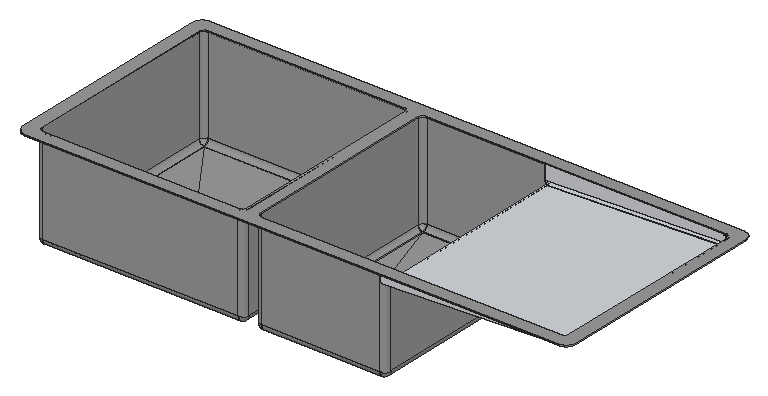
Revit family "BUILDMAT-SNA01018-Logan-1075-Drainboard-Stainless-Steel", category Plumbing Fixtures, host Face, Revit 2020 (continued)
Definition of nested family "TMB_Front"
  Lines and regions (mm)
    Masking region 1, in view "Ref. Level"
      outline origin (0, 0, 0) x (1, 0, 0) y (0, 1, 0)
        loop
          line (-17.5, 0) -> (-17.5, -80) -> (17.5, -80) -> (17.5, 0) -> (-17.5, 0)
    detail lines, in view "Ref. Level"
      curve 1: line (-17.5, 0, 0) -> (-17.5, -80, 0)
      curve 2: line (-17.5, -80, 0) -> (17.5, -80, 0)
      curve 3: line (17.5, -80, 0) -> (17.5, 0, 0)
      curve 4: line (-12.5, -50, 0) -> (12.5, -50, 0)
      curve 5: line (-12.5, -75, 0) -> (-12.5, -50, 0)
      curve 6: line (12.5, -75, 0) -> (-12.5, -75, 0)
      curve 7: line (12.5, -50, 0) -> (12.5, -75, 0)
Definition of nested family "SP_Front"
  Reference planes
    plane 1 "Center (Elevation)": y = 0
    plane 2: z = 0
    plane 3 "Center (Left/Right)": x = 0
  Lines and regions (mm)
    Masking region 1, in view "Ref. Level"
      outline origin (0, 0, 0) x (1, 0, 0) y (0, 1, 0)
        loop
          arc (-50, 40) -> (-57.071, 37.071) -> (-60, 30) r 10
          line (-60, 30) -> (-60, -30)
          arc (-60, -30) -> (-57.071, -37.071) -> (-50, -40) r 10
          line (-50, -40) -> (50, -40)
          arc (50, -40) -> (57.071, -37.071) -> (60, -30) r 10
          line (60, -30) -> (60, 30)
          arc (60, 30) -> (57.071, 37.071) -> (50, 40) r 10
          line (50, 40) -> (-50, 40)
    detail lines, in view "Ref. Level"
      curve 1: line (-50, 40, 0) -> (50, 40, 0)
      curve 2: line (50, -40, 0) -> (-50, -40, 0)
      curve 3: line (60, 30, 0) -> (60, -30, 0)
      curve 4: line (-60, 30, 0) -> (-60, -30, 0)
      curve 5: arc (-50, 40, 0) -> (-57.071, 37.071, 0) -> (-60, 30, 0) r 10
      curve 6: arc (-60, -30, 0) -> (-57.071, -37.071, 0) -> (-50, -40, 0) r 10
      curve 7: arc (50, -40, 0) -> (57.071, -37.071, 0) -> (60, -30, 0) r 10
      curve 8: arc (60, 30, 0) -> (57.071, 37.071, 0) -> (50, 40, 0) r 10
  Dimensions and locks
    aligned and locked: Masking region 1 sketch curve to curve 1
    aligned and locked: Masking region 1 sketch curve to curve 4
    aligned and locked: Masking region 1 sketch curve to curve 2
    aligned and locked: Masking region 1 sketch curve to curve 3
Definition of nested family "GB_Plan"
  Reference planes
    plane 1 "Center (Front/Back)": y = 0
    plane 2: z = 0
    plane 3 "Center (Left/Right)": x = 0
  Lines and regions (mm)
    detail lines, in view "Ref. Level"
      curve 1: line (-10, 0, 0) -> (10, 0, 0)
      curve 2: line (-10, 0, 0) -> (-10, 10, 0)
      curve 3: line (10, 0, 0) -> (10, 10, 0)
      curve 4: line (-10, 10, 0) -> (-6.464, 13.536, 0)
      curve 5: line (10, 10, 0) -> (6.464, 13.536, 0)
